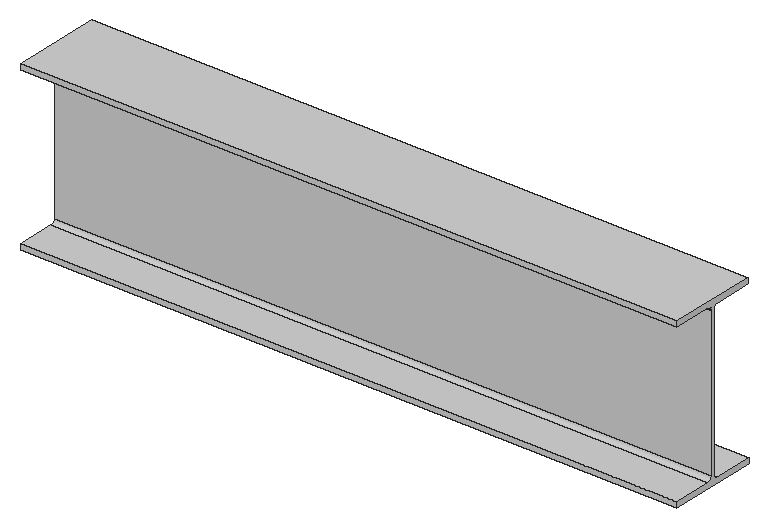
Revit family "W Shapes", category Structural Framing, Revit 2019
Family settings
  Structural Framing Length Roundoff = 0' - 0"
  Section Shape = I-shape Parallel Flange
  Material for Model Behavior = Steel
  Always export as geometry = No
  Code Name = AISC 14.1
  OmniClass Number = 23.25.30.11.14.14
  OmniClass Title = Beams
  Always vertical = Yes
  Cut with Voids When Loaded = No
  Symbolic Representation = From Project Settings
  Shared = No
  Show family pre-cut in plan views = Yes
Parameters (values of type "W12X26")
  Width = 0' - 6.49"
  Web Thickness = 0' - 0.23"
  Web Fillet = 0.300"
  Warping Constant = 607.00 in6
  Torsional Moment of Inertia = 0.3000 in4
  Structural Material [instance] = Steel ASTM A992
  Section Name Key = "W12x26"
  Section Area = 7.65 in²
  Principal Axes Angle = 0.00°
  Plastic Modulus weak axis = 8.17 in³
  Plastic Modulus strong axis = 37.20 in³
  Perimeter = 49.40 ft²/ft
  Nominal Weight = 26.00 lbf/ft
  Moment of Inertia weak axis = 17.3000 in4
  Moment of Inertia strong axis = 204.0000 in4
  Height = 1' - 0.2"
  Flange Thickness = 0.380"
  Elastic Modulus weak axis = 5.34 in³
  Elastic Modulus strong axis = 33.40 in³
  Centroid Vertical = Height / 2  # 6.100"
  Centroid Horizontal = Width / 2  # 3.245"
  Bolt Spacing = 0' - 3 1/2"
  Assembly Code = "B10"
  Length [instance] = 5' - 0"
Reference planes (in)
  plane 1 "Center (Front/Back)": y = 0
  plane 2: z = 0
  plane 3 "Center (Left/Right)": x = 0.1815
  plane 4 "Member Left": x = -23.8185
  plane 5 "Member Right": x = 24.1815
  plane 6: y = 3.245
  plane 7: y = -3.245
  plane 8 "Top": z = 6.1
  plane 9: z = -6.1
  plane 10 "Left": x = -29.8185
  plane 11 "Right": x = 30.1815
Forms (in)
  Sweep 1, solid, material "Steel ASTM A992" <- "Structural Material", detail levels medium
    path origin (0, 0, 0) x (1, 0, 0) y (0, 1, 0)
      loop
        line (24.1815, 0) -> (-23.8185, 0)
    profile "W-Wide Flange-Profile-Medium : W-Wide Flange-Profile-Medium" origin (0.1815, 0, 0) x (0, -1, 0) y (0, 0, 1)
      loop
        line (-3.245, -6.1) -> (3.245, -6.1) -> (3.245, -5.72) -> (0.115, -5.72) -> (0.115, 5.72) -> (3.245, 5.72) -> (3.245, 6.1) -> (-3.245, 6.1) -> (-3.245, 5.72) -> (-0.115, 5.72) -> (-0.115, -5.72) -> (-3.245, -5.72) -> (-3.245, -6.1)
  Sweep 2, solid, material "Steel ASTM A992" <- "Structural Material", detail levels fine
    path origin (0, 0, 0) x (1, 0, 0) y (0, 1, 0)
      loop
        line (24.1815, 0) -> (-23.8185, 0)
    profile "W-Wide Flange-Profile-Fine : W-Wide Flange-Profile-Fine" origin (0.1815, 0, 0) x (0, -1, 0) y (0, 0, 1)
      loop
        line (-3.245, -6.1) -> (3.245, -6.1) -> (3.245, -5.72) -> (0.415, -5.72)
        arc (0.415, -5.72) -> (0.20287, -5.63213) -> (0.115, -5.42) r 0.3
        line (0.115, -5.42) -> (0.115, 5.42)
        arc (0.115, 5.42) -> (0.20287, 5.63213) -> (0.415, 5.72) r 0.3
        line (0.415, 5.72) -> (3.245, 5.72) -> (3.245, 6.1) -> (-3.245, 6.1) -> (-3.245, 5.72) -> (-0.415, 5.72)
        arc (-0.415, 5.72) -> (-0.20287, 5.63213) -> (-0.115, 5.42) r 0.3
        line (-0.115, 5.42) -> (-0.115, -5.42)
        arc (-0.115, -5.42) -> (-0.20287, -5.63213) -> (-0.415, -5.72) r 0.3
        line (-0.415, -5.72) -> (-3.245, -5.72) -> (-3.245, -6.1)
Lines and regions (in)
  symbolic lines, style "Stick Symbols", detail levels coarse
    curve 1: line (0.1815, 0, -6.1) -> (0.1815, 0, 6.1)
    curve 2: line (0.1815, 3.245, 6.1) -> (0.1815, -3.245, 6.1)
    curve 3: line (0.1815, -3.245, -6.1) -> (0.1815, 3.245, -6.1)
  symbolic lines, style "Hidden Faces", detail levels medium+fine
    curve 4: line (-23.8185, -0.115, 0) -> (24.1815, -0.115, 0)
    curve 5: line (-23.8185, 0.115, 0) -> (24.1815, 0.115, 0)
Dimensions and locks (in)
  "Width": plane 6 to plane 7
  "Height": plane 9 to plane 8 "Top"
  equal spacing: plane 9, plane 2, plane 8 "Top"
  equal spacing: plane 6, plane 1 "Center (Front/Back)", plane 7
  "Length": plane 10 "Left" to plane 11 "Right"
  "Web Thickness": curve 4 to curve 5
  equal spacing: curve 4, plane 1 "Center (Front/Back)", curve 5
  aligned and locked: Sweep 1 sketch curve to plane 1 "Center (Front/Back)"
  aligned and locked: Sweep 2 sketch curve to plane 1 "Center (Front/Back)"
  aligned and locked: Sweep 2 to curve 2  (x2)
  aligned and locked: curve 2 to Sweep 2
  aligned and locked: Sweep 2 to curve 3  (x2)
  aligned and locked: curve 3 to Sweep 2
  aligned and locked: plane 4 "Member Left" to Sweep 2 sketch curve
  aligned and locked: plane 5 "Member Right" to Sweep 2 sketch curve
  aligned and locked: plane 4 "Member Left" to Sweep 1 sketch curve
  aligned and locked: plane 5 "Member Right" to Sweep 1 sketch curve
  aligned and locked: plane 4 "Member Left" to curve 5
  aligned and locked: plane 4 "Member Left" to curve 4
  aligned and locked: plane 5 "Member Right" to curve 5
  aligned and locked: plane 5 "Member Right" to curve 4
  aligned and locked: plane 1 "Center (Front/Back)" to curve 1
  aligned and locked: plane 2 to level
